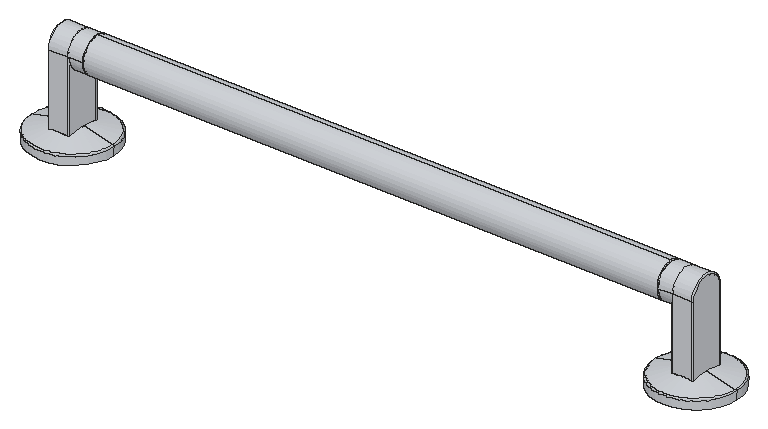
Revit family "Accessory-Towel_Bar-KOHLER-COMPONENTS-K-78372BR_1", category Specialty Equipment, host Face, Revit 2017
Family settings
  Host = Face
  Round Connector Dimension = Use Diameter
  Part Type = Normal
  OmniClass Number = 23.31.25.25
  OmniClass Title = Towel Bars
  Cut with Voids When Loaded = No
  Shared = No
  Room Calculation Point = No
Parameters (values of type "CP-Polished Chrome")
  Width = 17 127/128"  # constant formula
  WaterSense Certified = 1 = 0  # no
  URL = "https://br.kohler.com/"
  Type = 1
  Product Page URL = "https://br.kohler.com/product-detail/78372br?skuid=K-78372BR-CP"
  Product Name = "COMPONENTS"  # constant formula
  Product Documentation Link = ""
  Model = if(Type = 1, "K-78372BR-CP", if(Type = 2, "K-78372BR-BN", if(Type = 3, "K-78372BR-BL", "NA")))  # "K-78372BR-CP"
  Material = "Premium Metal Construction"  # constant formula
  Master Format 2014 Name = "Toilet, Bath, and Laundry Accessories"  # constant formula
  Master Format 2014 = "10 28 00"  # constant formula
  Manufacturer Address = "Rio de Janeiro MULTIREPAROS RUA BATISTA DA COSTA, Nº 352 | STORE B Rio de Janeiro  SÃO GONÇALO 24450-470"  # constant formula
  Manufacturer = "KOHLER Co."  # constant formula
  Length = 2 61/64"  # constant formula
  Height = 2 93/256"  # constant formula
  Finish = Kohler-Metal-CP-Polished_Chrome
  Environmental Product Declaration = ""
  Description = "Towel rack 457mm"  # constant formula
  Default Elevation = 42"
  Declare Label = ""
  Date Modified = "09/08/2021"  # constant formula
  Date Created = "09/08/2021"  # constant formula
  Copyright = "Copyright KOHLER Co."  # constant formula
  Contact Us = "https://br.kohler.com/asr-listing"
  Assembly Code = "C1030200"
  ADA Compliant = 1 = 0  # no
Types (4): name | Type | Product Page URL | Model | Finish
  (no name) | 1 | "https://br.kohler.com/product-detail/78372br?skuid=K-78372BR-CP" | "K-78372BR-CP" | Kohler-Metal-CP-Polished_Chrome
  CP-Polished Chrome | 1 | "https://br.kohler.com/product-detail/78372br?skuid=K-78372BR-CP" | "K-78372BR-CP" | Kohler-Metal-CP-Polished_Chrome
  BN-Vibrant Brushed Nickel | 2 | "https://br.kohler.com/product-detail/78372br?skuid=K-78372BR-BN" | "K-78372BR-BN" | Kohler-Metal-BN-Vibrant_Brushed_Nickel
  BL-Matte Black | 3 | "https://br.kohler.com/product-detail/78372br?skuid=K-78372BR-BL" | "K-78372BR-BL" | Kohler-Metal-BL-Matte_Black
Reference planes (in)
  plane 1 "Center (Front/Back)": y = 0
  plane 2: z = 0
  plane 3 "Center (Left/Right)": x = 0
  plane 4: y = 1.1811
  plane 5: y = -1.18218
  plane 6: x = -10.17717
  plane 7: x = -8.99606
  plane 8: x = -7.81496
  plane 9: x = -8.30271
  plane 10: x = -9.30996
  plane 11: x = 10.17717
  plane 12: x = 8.99612
  plane 13: x = 7.81496
  plane 14: x = 8.30271
  plane 15: x = 9.30996
  plane 16: z = 2.95312
  plane 17: z = 2.4517
  plane 18: z = 1.95065
Dimensions and locks (in)
  "Width": plane 7 to plane 12
  "Height": plane 4 to plane 5
  locked: plane 6 to plane 8 at 2.3622
  locked: plane 13 to plane 11 at 2.3622
  locked: plane 6 to plane 11 at 20.35433
  locked: plane 10 to plane 15 at 18.61992
  "Length": plane 2 to plane 16
  aligned and locked: plane 2 to host face
  aligned and locked: level to host face
  aligned and locked: plane 1 "Center (Front/Back)" to nested 1
  aligned and locked: plane 3 "Center (Left/Right)" to nested 1
Automatic sketch dimensions
  host sketch curve to host sketch curve = 96"  (x2)
Nested families (in)
  nested 1: "K-78372BR" at (0, 0, 0), type "K-78372BR"
Definition of nested family "K-78372BR"
  Parameters (values of type "K-78372BR")
    Material = none
  Reference planes (in)
    plane 1 "Center (Front/Back)": y = 0
    plane 2: z = 0
    plane 3 "Center (Left/Right)": x = 0
    plane 4: x = -8.99606
    plane 5: x = 8.99606
    plane 6: x = -10.17717
    plane 7: x = -7.81496
    plane 8: x = 10.17717
    plane 9: x = 7.81496
    plane 10: y = 1.1811
    plane 11: y = -1.1811
    plane 12: x = -8.30271
    plane 13: x = 8.30271
    plane 14: z = 2.95276
  Forms (in)
    Revolve 1, solid, material <- "Material", detail levels medium+fine
      sketch origin (0, 0, 0) x (1, 0, 0) y (0, 0, 1)
        loop
          line (-8.99606, 0) -> (-8.99606, 0.51402)
          arc (-8.99606, 0.51402) -> (-9.15846, 0.49695) -> (-9.31876, 0.46581) r 1.87511
          line (-9.31876, 0.46581) -> (-10.14698, 0.26714)
          arc (-10.14698, 0.26714) -> (-10.16871, 0.25323) -> (-10.17717, 0.22886) r 0.03937
          line (-10.17717, 0.22886) -> (-10.17717, 0) -> (-8.99606, 0)
        axis (-8.99606, 0.51402) -> (-8.99606, 0)
      angle from 0 to 360
    Sweep 2, solid, material <- "Material", detail levels medium+fine
      path origin (0, 0, 0) x (0, 1, 0) y (0, 0, 1)
        loop
          line (-0.50105, 0.18431) -> (-0.50105, 2.4517)
          arc (-0.50105, 2.4517) -> (0, 2.95276) -> (0.50105, 2.4517) r 0.50105
          line (0.50105, 2.4517) -> (0.50105, 0.18431)
      profile origin (0, 0.50105, 1.31801) x (1, 0, 0) y (0, 1, 0)
        loop
          line (-8.72852, 0) -> (-9.27847, 0)
          arc (-9.27847, 0) -> (-9.30074, -0.00922) -> (-9.30996, -0.0315) r 0.0315
          line (-9.30996, -0.0315) -> (-9.30996, -0.10482) -> (-8.69703, -0.10482) -> (-8.69703, -0.0315)
          arc (-8.69703, -0.0315) -> (-8.70625, -0.00922) -> (-8.72852, 0) r 0.0315
    Extrusion 3, solid, material <- "Material", detail levels medium+fine
      sketch origin (-9.30996, -0.46955, 0.18431) x (0, 0, 1) y (0, 1, 0)
        loop
          arc (2.2674, 0.07332) -> (2.66363, 0.46955) -> (2.2674, 0.86579) r 0.39623
          line (2.2674, 0.86579) -> (0, 0.86579) -> (0, 0.07332) -> (2.2674, 0.07332)
      from 0 to -0.61293
    Sweep 4, solid, material <- "Material", detail levels medium+fine
      path origin (0, 0, 0) x (0, 1, 0) y (0, 0, -1)
        loop
          line (-0.50105, -0.18431) -> (-0.50105, -2.4517)
          arc (-0.50105, -2.4517) -> (0, -2.95276) -> (0.50105, -2.4517) r 0.50105
          line (0.50105, -2.4517) -> (0.50105, -0.18431)
      profile origin (0, 0.50105, 1.31801) x (-1, 0, 0) y (0, -1, 0)
        loop
          arc (-8.72852, 0) -> (-8.70625, 0.00922) -> (-8.69703, 0.0315) r 0.0315
          line (-8.69703, 0.0315) -> (-8.69703, 0.10482) -> (-9.30996, 0.10482) -> (-9.30996, 0.0315)
          arc (-9.30996, 0.0315) -> (-9.30074, 0.00922) -> (-9.27847, 0) r 0.0315
          line (-9.27847, 0) -> (-8.72852, 0)
    Extrusion 5, solid, material <- "Material", detail levels medium+fine
      sketch origin (9.30996, -0.46955, 0.18431) x (0, 0, 1) y (0, -1, 0)
        loop
          line (2.2674, -0.07332) -> (0, -0.07332) -> (0, -0.86579) -> (2.2674, -0.86579)
          arc (2.2674, -0.86579) -> (2.66363, -0.46955) -> (2.2674, -0.07332) r 0.39623
      from 0 to -0.61293
    Revolve 6, solid, material <- "Material", detail levels medium+fine
      sketch origin (0, 0, 0) x (-1, 0, 0) y (0, 0, 1)
        loop
          line (-8.99606, 0) -> (-8.99606, 0.51402)
          arc (-8.99606, 0.51402) -> (-9.15846, 0.49695) -> (-9.31876, 0.46581) r 1.87511
          line (-9.31876, 0.46581) -> (-10.14698, 0.26714)
          arc (-10.14698, 0.26714) -> (-10.16871, 0.25323) -> (-10.17717, 0.22886) r 0.03937
          line (-10.17717, 0.22886) -> (-10.17717, 0) -> (-8.99606, 0)
        axis (-8.99606, 0.51402) -> (-8.99606, 0)
      angle from 0 to 360
    Extrusion 7, solid, material <- "Material", detail levels medium+fine
      sketch origin (0, 0, 0) x (0, 1, 0) y (0, 0, 1)
        loop
          circle (0, 2.4517) r 0.50105
      from -8.99606 to -8.30333
    Extrusion 8, solid, material <- "Material", detail levels medium+fine
      sketch origin (0, 0, 0) x (0, 1, 0) y (0, 0, -1)
        loop
          circle (0, -2.4517) r 0.50105
      from -8.99606 to -8.30271
    Revolve 9, solid, material <- "Material", detail levels medium+fine
      sketch origin (0, 0, 0) x (1, 0, 0) y (0, 0, 1)
        loop
          line (-8.30333, 2.4517) -> (8.30333, 2.4517) -> (8.30333, 2.92913)
          arc (8.30333, 2.92913) -> (8.29641, 2.94584) -> (8.2797, 2.95276) r 0.02362
          line (8.2797, 2.95276) -> (-8.2797, 2.95276)
          arc (-8.2797, 2.95276) -> (-8.29641, 2.94584) -> (-8.30333, 2.92913) r 0.02362
          line (-8.30333, 2.92913) -> (-8.30333, 2.4517)
        axis (-8.30333, 2.4517) -> (8.30333, 2.4517)
      angle from 0 to 360
    Revolve 10, solid, material <- "Material", detail levels coarse
      sketch origin (0, 0, 0) x (1, 0, 0) y (0, 0, 1)
        loop
          line (-7.81496, 0.25985) -> (-8.99606, 0.54302) -> (-8.99606, 0) -> (-7.81496, 0) -> (-7.81496, 0.25985)
        axis (-8.99606, 0.54302) -> (-8.99606, 0)
      angle from 0 to 360
    Revolve 11, solid, material <- "Material", detail levels coarse
      sketch origin (0, 0, 0) x (-1, 0, 0) y (0, 0, 1)
        loop
          line (-7.81496, 0.25985) -> (-8.99606, 0.54302) -> (-8.99606, 0) -> (-7.81496, 0) -> (-7.81496, 0.25985)
        axis (-8.99606, 0.54302) -> (-8.99606, 0)
      angle from 0 to 360
    Extrusion 12, solid, material <- "Material", detail levels coarse
      sketch origin (0, 0, 0) x (0, 1, 0) y (0, 0, 1)
        loop
          line (0.50105, 0) -> (0.50105, 2.4517)
          arc (0.50105, 2.4517) -> (0, 2.95276) -> (-0.50105, 2.4517) r 0.50105
          line (-0.50105, 2.4517) -> (-0.50105, 0) -> (0.50105, 0)
      from -9.30996 to -8.69703
    Extrusion 13, solid, material <- "Material", detail levels coarse
      sketch origin (0, 0, 0) x (0, 1, 0) y (0, 0, -1)
        loop
          line (0.50105, 0) -> (-0.50105, 0) -> (-0.50105, -2.4517)
          arc (-0.50105, -2.4517) -> (0, -2.95276) -> (0.50105, -2.4517) r 0.50105
          line (0.50105, -2.4517) -> (0.50105, 0)
      from -9.30996 to -8.69703
    Extrusion 14, solid, material <- "Material", detail levels coarse
      sketch origin (8.69703, 0, 0) x (0, 1, 0) y (0, 0, -1)
        loop
          circle (0, -2.4517) r 0.50105
      from 0 to 17.39406
  Cuts and joins
    joined: Revolve 1, Sweep 2, Extrusion 3, Extrusion 7, Revolve 9
    joined: Sweep 4, Extrusion 5, Revolve 6, Extrusion 8
    joined: Revolve 10, Revolve 11, Extrusion 12, Extrusion 13, Extrusion 14
  Lines and regions (in)
    Masking region 1
      outline origin (0, 0, 0) x (1, 0, 0) y (0, 1, 0)
        loop
          line (-7.92651, -0.50105) -> (7.92651, -0.50105)
          arc (7.92651, -0.50105) -> (10.17717, 0) -> (7.92651, 0.50105) r 1.1811
          line (7.92651, 0.50105) -> (-7.92651, 0.50105)
          arc (-7.92651, 0.50105) -> (-10.17717, 0) -> (-7.92651, -0.50105) r 1.1811
    Masking region 2
      outline origin (0, 0, 0) x (1, 0, 0) y (0, 0, 1)
        loop
          line (10.17717, 0) -> (10.17717, 0.22909)
          arc (10.17717, 0.22909) -> (10.16879, 0.25324) -> (10.14725, 0.26702) r 0.03901
          line (10.14725, 0.26702) -> (9.30996, 0.46776) -> (9.30996, 2.92126)
          arc (9.30996, 2.92126) -> (9.30074, 2.94353) -> (9.27847, 2.95276) r 0.0315
          line (9.27847, 2.95276) -> (-9.27847, 2.95276)
          arc (-9.27847, 2.95276) -> (-9.30074, 2.94353) -> (-9.30996, 2.92126) r 0.0315
          line (-9.30996, 2.92126) -> (-9.30996, 0.46776) -> (-10.14725, 0.26702)
          arc (-10.14725, 0.26702) -> (-10.16879, 0.25324) -> (-10.17717, 0.22909) r 0.03901
          line (-10.17717, 0.22909) -> (-10.17717, 0) -> (-7.81496, 0) -> (-7.81496, 0.22909)
          arc (-7.81496, 0.22909) -> (-7.82334, 0.25324) -> (-7.84487, 0.26702) r 0.03901
          line (-7.84487, 0.26702) -> (-8.69703, 0.47132) -> (-8.69703, 1.83254)
          arc (-8.69703, 1.83254) -> (-8.66243, 1.91606) -> (-8.57892, 1.95065) r 0.11811
          line (-8.57892, 1.95065) -> (8.57892, 1.95065)
          arc (8.57892, 1.95065) -> (8.66243, 1.91606) -> (8.69703, 1.83254) r 0.11811
          line (8.69703, 1.83254) -> (8.69703, 0.47132) -> (7.84487, 0.26702)
          arc (7.84487, 0.26702) -> (7.82334, 0.25324) -> (7.81496, 0.22909) r 0.03901
          line (7.81496, 0.22909) -> (7.81496, 0) -> (10.17717, 0)
    Masking region 3
      outline origin (0, 0, 0) x (0, 1, 0) y (0, 0, 1)
        loop
          line (1.1811, 0) -> (1.1811, 0.22784)
          arc (1.1811, 0.22784) -> (1.17234, 0.25309) -> (1.14982, 0.26748) r 0.04076
          line (1.14982, 0.26748) -> (0.50105, 0.42248) -> (0.50105, 2.4517)
          arc (0.50105, 2.4517) -> (0, 2.95276) -> (-0.50105, 2.4517) r 0.50105
          line (-0.50105, 2.4517) -> (-0.50105, 0.42248) -> (-1.14982, 0.26748)
          arc (-1.14982, 0.26748) -> (-1.17234, 0.25309) -> (-1.1811, 0.22784) r 0.04076
          line (-1.1811, 0.22784) -> (-1.1811, 0) -> (1.1811, 0)
    symbolic lines, detail levels medium+fine
      curve 1: line (-7.92651, 0.50105, 0) -> (-9.27847, 0.50105, 0)
      curve 2: line (-9.30996, 0.46955, 0) -> (-9.30996, 0, 0)
      curve 3: arc (-9.27847, 0.50105, 0) -> (-9.30074, 0.49183, 0) -> (-9.30996, 0.46955, 0) r 0.0315
      curve 4: line (-7.92651, -0.50105, 0) -> (-9.27847, -0.50105, 0)
      curve 5: line (-9.30996, -0.46955, 0) -> (-9.30996, 0, 0)
      curve 6: arc (-9.27847, -0.50105, 0) -> (-9.30074, -0.49183, 0) -> (-9.30996, -0.46955, 0) r 0.0315
      curve 7: line (-8.30333, 0.50105, 0) -> (-8.30333, -0.50105, 0)
      curve 8: line (7.92651, 0.50105, 0) -> (9.27847, 0.50105, 0)
      curve 9: line (9.30996, 0.46955, 0) -> (9.30996, 0, 0)
      curve 10: arc (9.27847, 0.50105, 0) -> (9.30074, 0.49183, 0) -> (9.30996, 0.46955, 0) r 0.0315
      curve 11: line (7.92651, -0.50105, 0) -> (9.27847, -0.50105, 0)
      curve 12: line (9.30996, -0.46955, 0) -> (9.30996, 0, 0)
      curve 13: arc (9.27847, -0.50105, 0) -> (9.30074, -0.49183, 0) -> (9.30996, -0.46955, 0) r 0.0315
      curve 14: line (8.30333, 0.50105, 0) -> (8.30333, -0.50105, 0)
      curve 15: line (10.14725, 0, 0.26702) -> (7.84487, 0, 0.26702)
      curve 16: line (9.30996, 0, 0.40767) -> (9.30996, 0, 0.46776)
      curve 17: spline (9.30995, 0, 0.40767) -> (9.30967, 0, 0.40686) -> (9.30884, 0, 0.40613) -> (9.30747, 0, 0.4055) -> (9.30559, 0, 0.40498) -> (9.30323, 0, 0.40457) -> (9.30043, 0, 0.40429) -> (9.29724, 0, 0.40414) -> (9.29373, 0, 0.40412) -> (9.28996, 0, 0.40424) -> (9.28599, 0, 0.40448) -> (9.28189, 0, 0.40485) -> (9.27775, 0, 0.40534)
      curve 18: arc (9.27775, 0, 0.40534) -> (9.003, 0, 0.42301) -> (8.72816, 0, 0.40692) r 2.2448
      curve 19: line (8.69703, 0, 0.47132) -> (8.69703, 0, 0.40968)
      curve 20: spline (8.72816, 0, 0.40692) -> (8.72408, 0, 0.40652) -> (8.72006, 0, 0.40623) -> (8.71619, 0, 0.40606) -> (8.71252, 0, 0.40601) -> (8.70912, 0, 0.40608) -> (8.70605, 0, 0.40628) -> (8.70336, 0, 0.40659) -> (8.7011, 0, 0.40702) -> (8.69932, 0, 0.40755) -> (8.69803, 0, 0.40818) -> (8.69727, 0, 0.4089) -> (8.69704, 0, 0.40968)
      curve 21: line (8.69703, 0, 1.83254) -> (8.69703, 0, 2.28364)
      curve 22: spline (8.69703, 0, 2.28364) -> (8.69784, 0, 2.29752) -> (8.69898, 0, 2.31147) -> (8.70047, 0, 2.32548) -> (8.7023, 0, 2.33953) -> (8.70446, 0, 2.35361) -> (8.70696, 0, 2.3677) -> (8.70979, 0, 2.38179) -> (8.71295, 0, 2.39585) -> (8.71643, 0, 2.40988) -> (8.72024, 0, 2.42387) -> (8.72436, 0, 2.43778) -> (8.72879, 0, 2.45162)
      curve 23: line (8.30333, 0, 1.95065) -> (8.30333, 0, 2.95276)
      curve 24: line (-8.69703, 0, 1.83254) -> (-8.69703, 0, 2.28364)
      curve 25: spline (-8.69703, 0, 2.28364) -> (-8.69784, 0, 2.29752) -> (-8.69898, 0, 2.31147) -> (-8.70047, 0, 2.32548) -> (-8.7023, 0, 2.33953) -> (-8.70446, 0, 2.35361) -> (-8.70696, 0, 2.3677) -> (-8.70979, 0, 2.38179) -> (-8.71295, 0, 2.39585) -> (-8.71643, 0, 2.40988) -> (-8.72024, 0, 2.42387) -> (-8.72436, 0, 2.43778) -> (-8.72879, 0, 2.45162)
      curve 26: line (-8.30333, 0, 1.95065) -> (-8.30333, 0, 2.95276)
      curve 27: line (-10.14725, 0, 0.26702) -> (-7.84487, 0, 0.26702)
      curve 28: line (-9.30996, 0, 0.40767) -> (-9.30996, 0, 0.46776)
      curve 29: spline (-9.30995, 0, 0.40767) -> (-9.30967, 0, 0.40686) -> (-9.30884, 0, 0.40613) -> (-9.30747, 0, 0.4055) -> (-9.30559, 0, 0.40498) -> (-9.30323, 0, 0.40457) -> (-9.30043, 0, 0.40429) -> (-9.29724, 0, 0.40414) -> (-9.29373, 0, 0.40412) -> (-9.28996, 0, 0.40424) -> (-9.28599, 0, 0.40448) -> (-9.28189, 0, 0.40485) -> (-9.27775, 0, 0.40534)
      curve 30: arc (-9.27775, 0, 0.40534) -> (-9.003, 0, 0.42301) -> (-8.72816, 0, 0.40692) r 2.2448
      curve 31: line (-8.69703, 0, 0.47132) -> (-8.69703, 0, 0.40968)
      curve 32: spline (-8.72816, 0, 0.40692) -> (-8.72408, 0, 0.40652) -> (-8.72006, 0, 0.40623) -> (-8.71619, 0, 0.40606) -> (-8.71252, 0, 0.40601) -> (-8.70912, 0, 0.40608) -> (-8.70605, 0, 0.40628) -> (-8.70336, 0, 0.40659) -> (-8.7011, 0, 0.40702) -> (-8.69932, 0, 0.40755) -> (-8.69803, 0, 0.40818) -> (-8.69727, 0, 0.4089) -> (-8.69704, 0, 0.40968)
      curve 33: line (0, 1.14982, 0.26748) -> (0, -1.14982, 0.26748)
      curve 34: line (0, 0.50105, 0.40516) -> (0, 0.50105, 0.47114)
      curve 35: spline (0, 0.46956, 0.40773) -> (0, 0.47355, 0.40694) -> (0, 0.4775, 0.40621) -> (0, 0.48133, 0.40559) -> (0, 0.48497, 0.40506) -> (0, 0.48837, 0.40464) -> (0, 0.49146, 0.40434) -> (0, 0.49419, 0.40416) -> (0, 0.49651, 0.40411) -> (0, 0.49839, 0.40419) -> (0, 0.49978, 0.40439) -> (0, 0.50068, 0.40472) -> (0, 0.50105, 0.40516)
      curve 36: arc (0, 0.1213, 0.46581) -> (0, 0.29616, 0.44226) -> (0, 0.46955, 0.40968) r 3.40127
      curve 37: arc (0, 0, 0.47132) -> (0, 0.06071, 0.46993) -> (0, 0.1213, 0.46581) r 1.34788
      curve 38: line (0, -0.50105, 0.40516) -> (0, -0.50105, 0.47114)
      curve 39: spline (0, -0.46956, 0.40773) -> (0, -0.47355, 0.40694) -> (0, -0.4775, 0.40621) -> (0, -0.48133, 0.40559) -> (0, -0.48497, 0.40506) -> (0, -0.48837, 0.40464) -> (0, -0.49146, 0.40434) -> (0, -0.49419, 0.40416) -> (0, -0.49651, 0.40411) -> (0, -0.49839, 0.40419) -> (0, -0.49978, 0.40439) -> (0, -0.50068, 0.40472) -> (0, -0.50105, 0.40516)
      curve 40: arc (0, -0.1213, 0.46581) -> (0, -0.29616, 0.44226) -> (0, -0.46955, 0.40968) r 3.40127
      curve 41: arc (0, 0, 0.47132) -> (0, -0.06071, 0.46993) -> (0, -0.1213, 0.46581) r 1.34788
      curve 42: arc (-7.97448, 0.50105, 0) -> (-10.1339, 0, 0) -> (-7.97448, -0.50105, 0) r 1.13784
      curve 43: arc (7.97448, 0.50105, 0) -> (10.1339, 0, 0) -> (7.97448, -0.50105, 0) r 1.13784
  Dimensions and locks (in)
    locked: plane 2 to plane 14 at 2.95276
    aligned and locked: plane 2 to level
